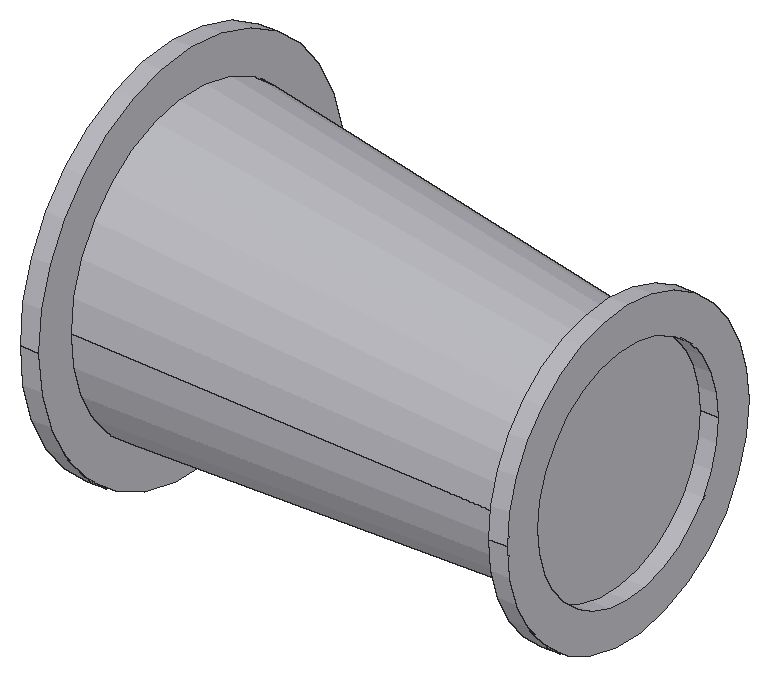
Revit family "32MP Clamp Eccentric Reducer-316L", category Pipe Accessories, Revit 2018
Family settings
  Round Connector Dimension = Use Diameter
  Part Type = Normal
  Work Plane-Based = No
  Always vertical = Yes
  Cut with Voids When Loaded = No
  Shared = No
Parameters (values of type "32MP Clamp Eccentric Reducer")
  reduced pipe radius [instance] = reduced pipe diameter / 2  # 0.750"
  reduced pipe diameter [instance] = 1.500"
  pipe radius [instance] = Nominal Diameter / 2  # 1.000"
  Weight [instance] = size_lookup(LookupTable, "Weight", "NA", Reduced Code)  # "0.44 lbs."
  URL = "http://www.fnw.com"
  Standards Lookup Table = "Standards"  # constant formula
  Reduced Code [instance] = Nominal 1 Code + reduced pipe diameter  # 401.500"
  R2 [instance] = size_lookup(LookupTable, "R2", 3.000", Reduced Code)  # 0.992"
  R1 [instance] = size_lookup(LookupTable, "R1", 2.000", Reduced Code)  # 1.258"
  Product ID [instance] = size_lookup(LookupTable, "ProductID", "NA", Reduced Code)  # "4831058"
  Part Number [instance] = size_lookup(LookupTable, "PartNumber", "NA", Reduced Code)  # "G3214MP76KJ"
  Nominal Diameter [instance] = 2"
  Nominal 1 Code [instance] = if(Nominal Diameter = 0.750", 100.000", if(Nominal Diameter = 1.000", 200.000", if(Nominal Diameter = 1.500", 300.000", if(Nominal Diameter = 2.000", 400.000", if(Nominal Diameter = 2.500", 500.000", if(Nominal Diameter = 3.000", 600.000", if(Nominal Diameter = 4.000", 700.000", if(Nominal Diameter = 6.000", 800.000", 0.000"))))))))  # 400.000"
  LookupTable = "32MP Clamp Eccentric Reducer"  # constant formula
  FT2 [instance] = size_lookup(LookupTable, "FT2", 4.000", Reduced Code)  # 0.125"
  FT1 [instance] = size_lookup(LookupTable, "FT1", 4.000", Reduced Code)  # 0.125"
  Description BOM [instance] = size_lookup(LookupTable, "Description_BOM", "NA", Reduced Code)  # "2X1-1/2 316L CLMP ECC RED #7"
  A [instance] = size_lookup(LookupTable, "A", 4.000", Reduced Code)  # 3.000"
Reference planes (in)
  plane 1 "Center (Front/Back)": y = 0
  plane 2: z = 0
  plane 3 "Center (Left/Right)": x = 0
  plane 4: z = 1
  plane 5: x = -1.5
  plane 6: x = 1.5
  plane 7: z = 0.75
  plane 8: z = 1.742
  plane 9: z = 2.258
  plane 10: x = 1.375
  plane 11: x = -1.375
Forms (in)
  Blend 1, solid, material "Steel, Stainless"
    base sketch origin (0, 0, 0) x (0, 1, 0) y (0, 0, 1)
      loop
        circle (0, 1) r 1
    top sketch origin (0, 0, 0) x (0, 1, 0) y (0, 0, 1)
      loop
        circle (0, 0.75) r 0.75
    from -1.375 to 1.375
  Extrusion 2, solid, material "Steel, Stainless"
    sketch origin (0, 0, 0) x (0, 1, 0) y (0, 0, 1)
      loop
        circle (0, 0.75) r 0.75
      loop
        circle (0, 0.75) r 0.992
    from 1.375 to 1.5
  Extrusion 3, solid, material "Steel, Stainless"
    sketch origin (0, 0, 0) x (0, 1, 0) y (0, 0, 1)
      loop
        circle (0, 1) r 1
      loop
        circle (0, 1) r 1.258
    from -1.5 to -1.375
Text (in)
  text "1 1/2 x 1\" shown" at (4.29491, 0, -3.03998), in view "Front"
Dimensions and locks (in)
  equal spacing: plane 6, plane 3 "Center (Left/Right)", plane 5
  "A": plane 6 to plane 5
  "pipe radius": plane 4 to plane 2
  "reduced pipe radius": plane 7 to plane 2
  "R1": plane 9 to plane 4
  "R2": plane 8 to plane 7
  "FT1": plane 11 to plane 5
  "FT2": plane 6 to plane 10
  "pipe radius": radius of Blend 1 sketch curve
  "reduced pipe radius": radius of Blend 1 sketch curve
  "reduced pipe radius": radius of Extrusion 2 sketch curve
  "R2": radius of Extrusion 2 sketch curve
  "pipe radius": radius of Extrusion 3 sketch curve
  "R1": radius of Extrusion 3 sketch curve
  aligned and locked: plane 2 to level
  aligned and locked: Blend 1 to plane 11
  aligned and locked: plane 10 to Blend 1
  aligned and locked: Extrusion 2 to plane 10
  aligned and locked: plane 6 to Extrusion 2
  aligned and locked: Extrusion 3 to plane 5
  aligned and locked: plane 11 to Extrusion 3
Automatic sketch dimensions
  Blend 1 sketch curve to plane 1 "Center (Front/Back)" = 0.000"  (x2)
  plane 4 to Blend 1 sketch curve = 0.000"
  Blend 1 sketch curve to plane 7 = 0.000"
  Extrusion 2 sketch curve to Extrusion 2 sketch curve = 0.000"  (x2)
  Extrusion 2 sketch curve to plane 1 "Center (Front/Back)" = 0.000"
  Extrusion 2 sketch curve to plane 7 = 0.000"
  Extrusion 3 sketch curve to Extrusion 3 sketch curve = 0.000"  (x2)
  Extrusion 3 sketch curve to plane 1 "Center (Front/Back)" = 0.000"
  plane 4 to Extrusion 3 sketch curve = 0.000"
Connectors (in)
  piping at (-1.5, 0, 1), diameter 2, driven by "Nominal Diameter"
    settings: on Extrusion 3, index 1, connector inside diameter 24", connector length 0.000", flow factor 0, pipe flow 0 GPM, pressure drop 0.00 psi, fitting loss kfactor 0, connector angle 0.00°, fixture units 0, engagement length 0.000", angle of deflection 0.00°, flow configuration 0, flow direction 0, fitting loss method 0, system type 16, joint type 0, gender type 0, connector reference index -1, connector utility 0, adjustable connector no, is connector primary yes, connector description ""
  piping at (1.5, 0, 0.75), diameter 1.5, driven by "reduced pipe diameter"
    settings: on Extrusion 2, index 2, connector inside diameter 24", connector length 0.000", flow factor 0, pipe flow 0 GPM, pressure drop 0.00 psi, fitting loss kfactor 0, connector angle 0.00°, fixture units 0, engagement length 0.000", angle of deflection 0.00°, flow configuration 0, flow direction 0, fitting loss method 0, system type 16, joint type 0, gender type 0, connector reference index -1, connector utility 0, adjustable connector no, is connector primary no, connector description ""
